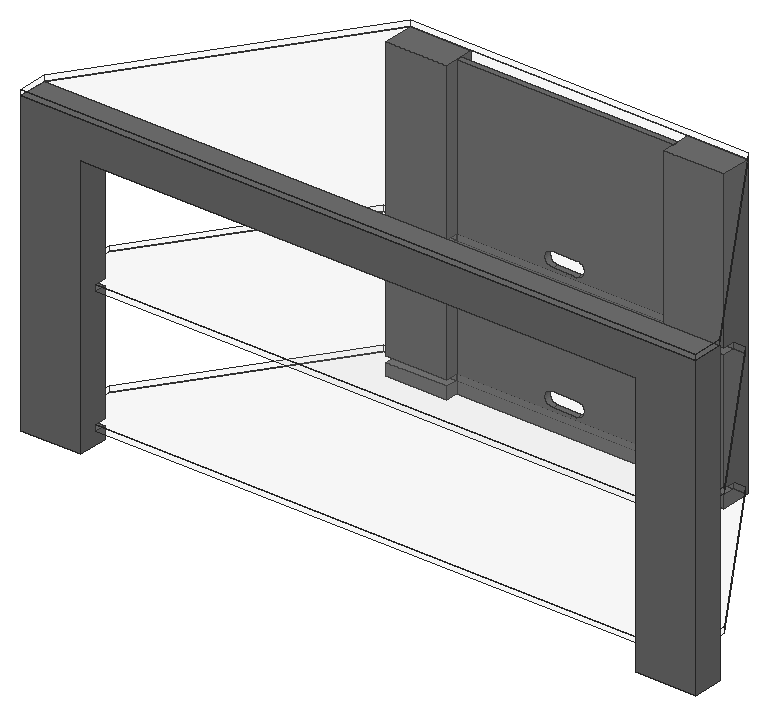
Revit family "156a6438543a4c31b1bde9c8deb75953", category Furniture, Revit 2021
Family settings
  Work Plane-Based = No
  Always vertical = Yes
  Cut with Voids When Loaded = No
  Shared = No
  Room Calculation Point = No
Parameters
  Depth = 18"
  Width = 44"
  Height = 19 1/2"
  Finish = Melamine - Gray
  Default Elevation = 0"
Reference planes (in)
  plane 1 "Center (Front/Back)": y = 0
  plane 2: z = 0
  plane 3 "Center (Left/Right)": x = 4.92866
  plane 4: y = -18
  plane 5: x = -6.07134
  plane 6: x = 15.92866
  plane 7: x = -17.07134
  plane 8: x = 26.92866
  plane 9: z = 19.5
  plane 10: z = 8.9626
  plane 11: z = 0.7874
  plane 12: z = 17.1378
Forms (in)
  Extrusion 1, solid, material "Melamine - Gray" <- "Finish"
    sketch origin (58.50499, -18, 47.24409) x (1, 0, 0) y (0, 0, 1)
      loop
        line (-71.63932, -47.24409) -> (-71.63932, -30.1063) -> (-35.51334, -30.1063) -> (-35.51334, -47.24409) -> (-31.57633, -47.24409) -> (-31.57633, -27.74409) -> (-75.57633, -27.74409) -> (-75.57633, -47.24409) -> (-71.63932, -47.24409)
    from 0 to -1.9685
  Extrusion 2, solid, material "Melamine - Gray" <- "Finish"
    sketch origin (0, 0, 0) x (1, 0, 0) y (0, 1, 0)
      loop
        line (-6.07134, -1.9685) -> (-2.13433, -1.9685) -> (-2.13433, 0) -> (-6.07134, 0) -> (-6.07134, -1.9685)
      loop
        line (11.99165, -1.9685) -> (15.92866, -1.9685) -> (15.92866, 0) -> (11.99165, 0) -> (11.99165, -1.9685)
    from 0 to 19.5
  Extrusion 3, solid, material "Melamine - Gray"
    sketch origin (0, 0, 0) x (1, 0, 0) y (0, 0, 1)
      loop
        line (-2.13433, 0) -> (11.99165, 0) -> (11.99165, 19.5) -> (-2.13433, 19.5) -> (-2.13433, 0)
      loop
        line (4.14197, 9.55315) -> (5.71536, 9.55315)
        arc (5.71536, 9.55315) -> (6.20748, 10.04528) -> (5.71536, 10.5374) r 0.49213
        line (5.71536, 10.5374) -> (4.14197, 10.5374)
        arc (4.14197, 10.5374) -> (3.64984, 10.04528) -> (4.14197, 9.55315) r 0.49213
      loop
        line (4.14197, 1.37795) -> (5.71606, 1.37795)
        arc (5.71606, 1.37795) -> (6.20819, 1.87008) -> (5.71606, 2.3622) r 0.49213
        line (5.71606, 2.3622) -> (4.14197, 2.3622)
        arc (4.14197, 2.3622) -> (3.64984, 1.87008) -> (4.14197, 1.37795) r 0.49213
    from 0.7874 to 1.1811
  Extrusion 4, void
    sketch origin (47.21723, -60, 8.9626) x (-1, 0, 0) y (0, -1, 0)
      loop
        line (62.32006, -58.8189) -> (62.32006, -43.1811) -> (22.25707, -43.1811) -> (22.25707, -58.8189) -> (62.32006, -58.8189)
    from 0 to 0.3937
  Extrusion 5, solid, material "Glass - Shelves"
    sketch origin (47.21723, -60, 8.9626) x (0, -1, 0) y (-1, 0, 0)
      loop
        line (-58.8189, 54.09898) -> (-58.8189, 30.47815) -> (-46.83742, 22.25707) -> (-43.1811, 22.25707) -> (-43.1811, 62.32006) -> (-46.83742, 62.32006) -> (-58.8189, 54.09898)
    from 0 to -0.3937
  Extrusion 6, solid, material "Glass - Shelves"
    sketch origin (56.98226, -60, 19.5) x (0, -1, 0) y (-1, 0, 0)
      loop
        line (-60, 63.0536) -> (-60, 41.0536) -> (-43.9685, 30.0536) -> (-42, 30.0536) -> (-42, 74.0536) -> (-43.9685, 74.0536) -> (-60, 63.0536)
    from 0 to -0.3937
  Extrusion 7, void
    sketch origin (47.21723, -60, 0.7874) x (-1, 0, 0) y (0, -1, 0)
      loop
        line (62.32006, -58.8189) -> (62.32006, -43.1811) -> (22.25707, -43.1811) -> (22.25707, -58.8189) -> (62.32006, -58.8189)
    from 0 to 0.3937
  Extrusion 8, solid, material "Glass - Shelves"
    sketch origin (47.21723, -60, 0.7874) x (0, -1, 0) y (-1, 0, 0)
      loop
        line (-58.8189, 54.09898) -> (-58.8189, 30.47815) -> (-46.83742, 22.25707) -> (-43.1811, 22.25707) -> (-43.1811, 62.32006) -> (-46.83742, 62.32006) -> (-58.8189, 54.09898)
    from 0 to -0.3937
Cuts and joins
  Extrusion 4, Extrusion 7 cuts Extrusion 1
  Extrusion 4, Extrusion 7 cuts Extrusion 2
  Extrusion 7 cuts Extrusion 5
Lines and regions (in)
  model lines
    curve 1: line (-17.07134, -18, 19.5) -> (-13.13433, -18, 17.1378)
    curve 2: line (26.92866, -18, 19.5) -> (22.99165, -18, 17.1378)
Dimensions and locks (in)
  equal spacing: plane 7, plane 5, plane 3 "Center (Left/Right)", plane 6, plane 8
  "Width": plane 7 to plane 8
  locked: Extrusion 1 sketch curve to plane 7 at 3.93701
  locked: plane 8 to Extrusion 1 sketch curve at 3.93701
  locked: plane 9 to Extrusion 1 sketch curve at 2.3622
  locked: plane 5 to Extrusion 2 sketch curve at 3.93701
  locked: Extrusion 2 sketch curve to plane 6 at 3.93701
  locked: Extrusion 2 sketch curve to plane 1 "Center (Front/Back)" at 1.9685
  equal spacing: plane 12, plane 10, plane 11
  locked: plane 5 to Extrusion 3 sketch curve at 3.93701
  locked: Extrusion 3 sketch curve to plane 6 at 3.93701
  locked: plane 11 to plane 2 at 0.7874
  Extrusion 3 sketch curve to plane 3 "Center (Left/Right)" to Extrusion 3 sketch curve = 0.7867" locked, 0.7867" locked
  locked: Extrusion 3 sketch curve to plane 10 at 0.59055
  locked: Extrusion 3 sketch curve to Extrusion 3 sketch curve at 0.98425  (x2)
  locked: Extrusion 3 sketch curve to plane 11 at 0.59055
  Extrusion 3 sketch curve to plane 3 "Center (Left/Right)" to Extrusion 3 sketch curve = 0.7874" locked, 0.7867" locked
  locked: plane 9 to plane 12 at 2.3622
  locked: plane 4 to Extrusion 4 sketch curve at 1.1811
  locked: plane 7 to Extrusion 4 sketch curve at 1.9685
  locked: Extrusion 4 sketch curve to plane 8 at 1.9685
  locked: Extrusion 4 sketch curve to plane 1 "Center (Front/Back)" at 1.1811
  locked: Extrusion 5 sketch curve to plane 1 "Center (Front/Back)" at 1.1811
  locked: plane 4 to Extrusion 5 sketch curve at 1.1811
  locked: plane 7 to Extrusion 5 sketch curve at 1.9685
  locked: Extrusion 5 sketch curve to plane 8 at 1.9685
  locked: plane 4 to Extrusion 7 sketch curve at 1.1811
  locked: Extrusion 7 sketch curve to plane 1 "Center (Front/Back)" at 1.1811
  locked: plane 7 to Extrusion 7 sketch curve at 1.9685
  locked: Extrusion 7 sketch curve to plane 8 at 1.9685
  locked: plane 4 to Extrusion 8 sketch curve at 1.1811
  locked: Extrusion 8 sketch curve to plane 1 "Center (Front/Back)" at 1.1811
  locked: plane 7 to Extrusion 8 sketch curve at 1.9685
  locked: Extrusion 8 sketch curve to plane 8 at 1.9685
  "Height": plane 9 to plane 2
  "Depth": plane 4 to plane 1 "Center (Front/Back)"
  aligned and locked: plane 7 to Extrusion 1 sketch curve
  aligned and locked: plane 9 to Extrusion 1 sketch curve
  aligned and locked: Extrusion 1 sketch curve to plane 8
  aligned and locked: plane 2 to Extrusion 1 sketch curve  (x2)
  aligned and locked: Extrusion 2 sketch curve to Extrusion 2 sketch curve  (x2)
  aligned and locked: Extrusion 2 sketch curve to plane 1 "Center (Front/Back)"
  aligned and locked: plane 5 to Extrusion 2 sketch curve
  aligned and locked: Extrusion 2 sketch curve to plane 6
  aligned and locked: Extrusion 2 to plane 9
  aligned and locked: Extrusion 3 sketch curve to plane 9
  aligned and locked: Extrusion 3 sketch curve to plane 2
  aligned and locked: Extrusion 6 sketch curve to plane 4
  aligned and locked: plane 7 to Extrusion 6 sketch curve
  aligned and locked: plane 1 "Center (Front/Back)" to Extrusion 6 sketch curve
  aligned and locked: Extrusion 6 sketch curve to plane 8
  aligned and locked: Extrusion 6 to Extrusion 5 sketch curve  (x2)
  aligned and locked: Extrusion 6 to Extrusion 8 sketch curve  (x2)
Automatic sketch dimensions
  curve 1 to plane 7 = 0"
  curve 2 to plane 8 = 0"
  curve 2 to plane 9 = 0"
  curve 1 to plane 9 = 0"
  plane 7 to curve 1 = 3.93701"
  curve 2 to plane 8 = 3.93701"
  plane 9 to curve 2 = 2.3622"
  plane 9 to curve 1 = 2.3622"
  Extrusion 6 sketch curve to plane 5 = 0"
  Extrusion 6 sketch curve to plane 6 = 0"
  Extrusion 6 sketch curve to plane 4 = 1.9685"  (x2)
